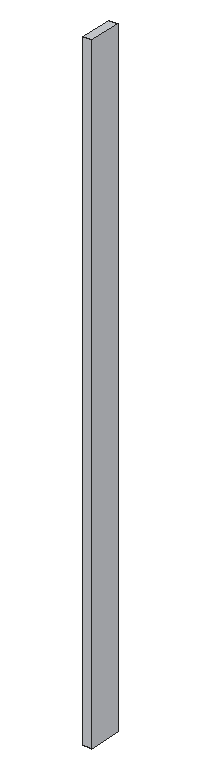
Revit family "Trimmer", category Structural Framing, Revit 2021
Family settings
  Structural Framing Length Roundoff = 0' - 0"
  Section Shape = Not Defined
  Material for Model Behavior = Other
  Always export as geometry = No
  Work Plane-Based = No
  Always vertical = Yes
  Cut with Voids When Loaded = No
  Symbolic Representation = From Family
  Shared = Yes
  Show family pre-cut in plan views = Yes
Parameters
  Structural Material [instance] = none
  Lumber Width [instance] = 0' - 1 1/2"
  Lumber Length [instance] = 8' - 8 5/8"
  Lumber Depth [instance] = 0' - 5 1/2"
  Description = "Trimmer"
  Default Elevation = 0' - 0"
Reference planes (in)
  plane 1 "Center (Front/Back)": y = 0
  plane 2: z = 0
  plane 3 "Center (Left/Right)": x = 0
  plane 4: y = -5.5
  plane 5: z = 1.5
  plane 6: z = 106.125
  plane 7: z = 106.125
  plane 8: z = 106.125
  plane 9: z = 106.125
  plane 10: x = 0.75
  plane 11: x = -0.75
Forms (in)
  Extrusion 1, solid, material <- "Structural Material"
    sketch origin (-0.75, 0, 0) x (1, 0, 0) y (0, 1, 0)
      loop
        line (0, 0) -> (0, -5.5) -> (1.5, -5.5) -> (1.5, 0) -> (0, 0)
    from 1.5 to 106.125
Dimensions and locks (in)
  "Lumber Depth": plane 4 to plane 1 "Center (Front/Back)"
  plane 5 to plane 2 = 0' - 1 1/2"
  "Lumber Width": plane 11 to plane 10
  "Lumber Length": plane 9 to plane 5
  aligned and locked: plane 2 to level
  aligned and locked: plane 4 to Extrusion 1
  aligned and locked: Extrusion 1 to plane 1 "Center (Front/Back)"
  aligned and locked: plane 9 to Extrusion 1
  aligned and locked: Extrusion 1 to plane 5
Automatic sketch dimensions
  Extrusion 1 sketch curve to plane 3 "Center (Left/Right)" = 0' - 0 3/4"
  plane 4 to Extrusion 1 sketch curve = 0' - 0"
  plane 1 "Center (Front/Back)" to Extrusion 1 sketch curve = 0' - 0"
  plane 3 "Center (Left/Right)" to Extrusion 1 sketch curve = 0' - 0 3/4"
